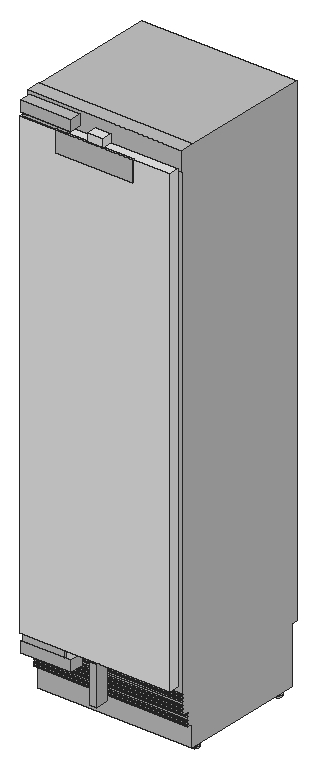
Revit family "FP_Revit_18_RS2484SL1_Fridge_90001059A", category Specialty Equipment, Revit 2018
Family settings
  Round Connector Dimension = Use Diameter
  Part Type = Normal
  OmniClass Number = 23.40.40.11.11
  OmniClass Title = Refrigerators and Freezers
  Work Plane-Based = No
  Always vertical = Yes
  Cut with Voids When Loaded = Yes
  Shared = No
  Room Calculation Point = No
Parameters (values of type "RS2484SL1")
  Visibility - Water Connection = no
  Visibility - Visibility Control Note = yes
  Visibility - Clearance Required = yes
  URL = "www.fisherpaykel.com"
  Stainless Steel Door Panels (RD2484L4D) = no
  Product - Width = 603 mm  # constant formula
  Product - Height = 2134 mm  # constant formula
  Product - Depth (exl front panel) = 610 mm  # constant formula
  Model = "RS2484SL1"
  Material - Handle = Fisher & Paykel - Aluminium
  Material - Door Structure = Fisher & Paykel - White
  Material - Door Front = Fisher & Paykel - Stainless Steel
  Material - Body = Fisher & Paykel - Grey
  Manufacturer = "Fisher & Paykel Appliances"
  Handle Style - Professional Square (AHV2-RD84) = no
  Handle Style - Professional Round (AHC-RD84) = no
  Handle Style - Contemporary Square (AHD3-RD84) = no
  Handle Style - Contemporary Round (AHS-RD84) = no
  Description = "24\" Integrated Column Refrigerator with white interior"
  Connector Description - Water = "Water Supply not required"
  Connector Description - Electrical = "120 V, 10 amp fused electrical supply"
  Cavity - Width = 610 mm  # constant formula
  Cavity - Height = 2134 mm  # constant formula
  Cavity - Depth = 635 mm  # constant formula
Types (4, lengths in mm): name | Visibility - Water Connection | Model | Description | Connector Description - Water
  (no name) | no | "RS2484SL1" | "24\" Integrated Column Refrigerator with white interior" | "Water Supply not required"
  RS2484SLK1 | no | "RS2484SLK1" | "24\" Integrated Column Refrigerator, stainless steel interior" | "Water Supply not required"
  RS2484SLHK1 | yes | "RS2484SLHK1" | "24\" Integrated Column Refrigerator with internal water, stainless steel interior" | "1/4\" (6mm) comp. stainless steel braided hose"
  RS2484SL1 | no | "RS2484SL1" | "24\" Integrated Column Refrigerator with white interior" | "Water Supply not required"
Reference planes
  plane 1 "Datum": y = 0
  plane 2: z = 0
  plane 3 "Center (Left/Right)": x = 0
  plane 4 "Product LHS": x = -301.5
  plane 5 "Product RHS": x = 301.5
  plane 6 "Product - Depth": y = 610
  plane 7 "Cavity LHS": x = -305
  plane 8 "Cavity RHS": x = 305
  plane 9 "Cavity - Depth": y = 612.9
  plane 10 "Handle Offset": x = 238.5
  plane 11 "Product Height": z = 2134
  plane 12 "Cavity Height": z = 2134
  plane 13 "Door Panel Datum": y = -4.1
Forms (mm)
  Extrusion 1, solid, material "Fisher & Paykel - Grey" <- "Material - Body", detail levels fine
    sketch origin (0, 0, 0) x (0, 1, 0) y (0, 0, 1)
      loop
        line (100.1, 19.1) -> (587.9, 19.1) -> (587.9, 239.7) -> (610, 239.7) -> (610, 2131.9) -> (105.1, 2131.9) -> (105.1, 2134) -> (49.9, 2134) -> (49.9, 2059) -> (56, 2059) -> (56, 228.6) -> (59.5, 228.6) -> (59.5, 219.7) -> (56.5, 219.7) -> (56.5, 215.9) -> (59.5, 215.9) -> (59.5, 207) -> (56.5, 207) -> (56.5, 203.2) -> (59.5, 203.2) -> (59.5, 194.3) -> (56.5, 194.3) -> (56.5, 190.5) -> (59.5, 190.5) -> (59.5, 181.6) -> (56.5, 181.6) -> (56.5, 177.8) -> (59.5, 177.8) -> (59.5, 168.9) -> (56.5, 168.9) -> (56.5, 165.1) -> (59.5, 165.1) -> (59.5, 156.2) -> (56.5, 156.2) -> (56.5, 152.4) -> (84.1, 152.4) -> (84.1, 143.5) -> (81.1, 143.5) -> (81.1, 139.7) -> (84.1, 139.7) -> (84.1, 130.8) -> (81.1, 130.8) -> (81.1, 127) -> (84.1, 127) -> (84.1, 118.1) -> (81.1, 118.1) -> (81.1, 114.3) -> (84.1, 114.3) -> (84.1, 105.4) -> (81.1, 105.4) -> (81.1, 101.6) -> (100.1, 101.6) -> (100.1, 19.1)
    from -301.5 to 301.5
  Extrusion 2, solid, material "Fisher & Paykel - Grey" <- "Material - Body"
    sketch origin (0, 0, 0) x (1, 0, 0) y (0, 1, 0)
      loop
        circle (-281, 547.8) r 4.1
      loop
        circle (-281, 141.8) r 4.1
      loop
        circle (281, 547.8) r 4.1
      loop
        circle (281, 141.8) r 4.1
    from 3 to 19.1
  Extrusion 3, solid, material "Fisher & Paykel - Grey" <- "Material - Body"
    sketch origin (0, 0, 0) x (1, 0, 0) y (0, 1, 0)
      loop
        circle (-281, 547.8) r 14.5
      loop
        circle (-281, 141.8) r 14.555
      loop
        circle (281, 547.8) r 14.5
      loop
        circle (281, 141.8) r 14.555
    from 0 to 3
  Extrusion 4, solid, material "Fisher & Paykel - Grey" <- "Material - Body", detail levels fine
    sketch origin (0, 0, 0) x (1, 0, 0) y (0, 1, 0)
      loop
        line (-7.5, 49) -> (-13.797, -4.1) -> (13.797, -4.1) -> (7.5, 49) -> (-7.5, 49)
    from 104.2 to 254.2
  Extrusion 5, solid, material "Fisher & Paykel - Grey" <- "Material - Body", detail levels fine
    sketch origin (0, 0, 0) x (0, 1, 0) y (0, 0, 1)
      loop
        line (0, 2070.6) -> (0, 1988.6) -> (2, 1988.6) -> (2, 2068.6) -> (4, 2068.6) -> (4, 2070.6) -> (0, 2070.6)
    from -150 to 150
  Extrusion 6, solid, material "Fisher & Paykel - Grey" <- "Material - Body"
    sketch origin (0, 0, 0) x (1, 0, 0) y (0, 0, 1)
      loop
        circle (226.5, 119.813) r 5
      loop
        circle (-226.5, 119.813) r 5
    from -590 to -587.9
  Extrusion 7, solid, material "Fisher & Paykel - White" <- "Material - Door Structure"
    sketch origin (0, 0, 0) x (1, 0, 0) y (0, 1, 0)
      loop
        line (-276.5, 56) -> (-276.5, 42) -> (276.5, 42) -> (276.5, 56) -> (-276.5, 56)
    from 269.6 to 2030.7
  Extrusion 8, solid, material "Fisher & Paykel - White" <- "Material - Door Structure"
    sketch origin (0, 0, 0) x (1, 0, 0) y (0, 1, 0)
      loop
        line (-292.9, 42) -> (-292.9, 3) -> (292.9, 3) -> (292.9, 42) -> (-292.9, 42)
    from 254.2 to 2068.6
  Extrusion 9, solid, material "Fisher & Paykel - White" <- "Material - Door Structure", detail levels fine
    sketch origin (0, 0, 0) x (1, 0, 0) y (0, 0, 1)
      loop
        line (-29.5, 2100.1) -> (-29.5, 2068.6) -> (29.5, 2068.6) -> (29.5, 2100.1) -> (-29.5, 2100.1)
    from -42 to -3
  Extrusion 10, solid, material "Fisher & Paykel - Stainless Steel" <- "Material - Door Front", visible <- "Stainless Steel Door Panels (RD2484L4D)"
    sketch origin (0, 0, 0) x (0, 1, 0) y (0, 0, 1)
      loop
        line (-22.1, 2130.8) -> (-22.1, 102) -> (-4.1, 102) -> (-4.1, 2130.8) -> (-22.1, 2130.8)
    from -301.5 to 301.5
  Extrusion 11, solid, material "Fisher & Paykel - Grey" <- "Material - Body", detail levels coarse+medium
    sketch origin (0, 0, 0) x (0, 1, 0) y (0, 0, 1)
      loop
        line (49.9, 2134) -> (49.9, 2059) -> (56, 2059) -> (56, 152.4) -> (81.1, 152.4) -> (81.1, 101.6) -> (100.1, 101.6) -> (100.1, 19.1) -> (587.9, 19.1) -> (587.9, 239.7) -> (610, 239.7) -> (610, 2134) -> (49.9, 2134)
    from -301.5 to 301.5
  Extrusion 12, solid, material "Fisher & Paykel - Grey" <- "Material - Body", detail levels fine
    sketch origin (0, 0, 0) x (-1, 0, 0) y (0, 0, -1)
      loop
        line (289.9, -187.65) -> (95.42, -187.65) -> (95.42, -229.75) -> (289.9, -229.75) -> (289.9, -187.65)
    from -56 to -2.5
  Extrusion 13, solid, material "Fisher & Paykel - Grey" <- "Material - Body", detail levels fine
    sketch origin (0, 0, 0) x (-1, 0, 0) y (0, 0, -1)
      loop
        line (289.9, -2123.15) -> (289.9, -2081.05) -> (95.42, -2081.05) -> (95.42, -2123.15) -> (289.9, -2123.15)
    from -49 to -2.5
  Extrusion 14, solid, material "Fisher & Paykel - Grey" <- "Material - Body", detail levels fine
    sketch origin (0, 0, -4) x (0, 1, 0) y (0, 0, 1)
      loop
        arc (163.888, 23.1) -> (180.4, 13.63) -> (196.912, 23.1) r 19.13
        line (196.912, 23.1) -> (163.888, 23.1)
      loop
        arc (493.888, 23.1) -> (510.4, 13.63) -> (526.912, 23.1) r 19.13
        line (526.912, 23.1) -> (493.888, 23.1)
    from 191 to 219
  Extrusion 15, solid, material "Fisher & Paykel - Grey" <- "Material - Body", detail levels fine
    sketch origin (0, 0, -4) x (0, 1, 0) y (0, 0, -1)
      loop
        line (163.888, -23.1) -> (196.912, -23.1)
        arc (196.912, -23.1) -> (180.4, -13.63) -> (163.888, -23.1) r 19.13
      loop
        line (493.888, -23.1) -> (526.912, -23.1)
        arc (526.912, -23.1) -> (510.4, -13.63) -> (493.888, -23.1) r 19.13
    from 191 to 219
  Extrusion 16, solid, material "Fisher & Paykel - Clearance Required", visible <- "Visibility - Clearance Required", detail levels coarse
    sketch origin (0, 0, 0) x (1, 0, 0) y (0, 1, 0)
      loop
        line (-305, 612.9) -> (-305, -4.1) -> (305, -4.1) -> (305, 612.9) -> (-305, 612.9)
    from 0 to 2134
  Extrusion 17, void
    sketch origin (0, 0, 0) x (1, 0, 0) y (0, 1, 0)
      loop
        line (-305, 612.9) -> (-305, -22.1) -> (305, -22.1) -> (305, 612.9) -> (-305, 612.9)
    from 0 to 2134
  Extrusion 18, solid, material "Fisher & Paykel - Clearance Required", visible <- "Visibility - Clearance Required", detail levels coarse
    sketch origin (0, 0, 0) x (-1, 0, 0) y (0, -1, 0)
      loop
        line (-301.5, 22.1) -> (301.5, 22.1)
        arc (301.5, 22.1) -> (310.616, 38.605) -> (329.441, 39.678) r 19.5
        line (329.441, 39.678) -> (550.259, 513.225) -> (574.757, 501.802)
        arc (574.757, 501.802) -> (598.013, 510.267) -> (589.549, 533.523) r 17.5
        line (589.549, 533.523) -> (565.051, 544.946) -> (584.28, 586.183)
        arc (584.28, 586.183) -> (-13.376, 547.171) -> (-301.5, 22.1) r 622.5
    from 0 to 2134
  Extrusion 19, solid, material "Fisher & Paykel - Grey" <- "Material - Body", detail levels fine
    sketch origin (0, 0, 0) x (-1, 0, 0) y (0, 0, -1)
      loop
        line (118.4, -254.2) -> (282.9, -254.2) -> (282.9, -229.75) -> (118.4, -229.75) -> (118.4, -254.2)
      loop
        line (106, -2081.05) -> (242.9, -2081.05) -> (282.9, -2076.05) -> (282.9, -2068.6) -> (106, -2068.6) -> (106, -2081.05)
    from -7 to -4
Lines and regions (mm)
  model lines, style "Fisher & Paykel"
    curve 1: line (-301.5, -4.1, 2130.8) -> (301.5, -4.1, 2130.8)
    curve 2: line (-301.5, -4.1, 102) -> (-301.5, -4.1, 2130.8)
    curve 3: line (301.5, -4.1, 102) -> (-301.5, -4.1, 102)
    curve 4: line (301.5, -4.1, 2130.8) -> (301.5, -4.1, 102)
Text (mm)
  text "Due to ongoing product development, product details are subject to change without notice. \nPlease always refer to www.fisherpaykel.com for the most current product information. \n© Fisher & Paykel 2020" at (41.04, -678.295, 0), in view "Ref. Level (Plan)"
Dimensions and locks
  equal spacing: plane 4 "Product LHS", plane 3 "Center (Left/Right)", plane 5 "Product RHS"
  "Product - Width": plane 4 "Product LHS" to plane 5 "Product RHS"
  "Product - Depth (exl front panel)": plane 1 "Datum" to plane 6 "Product - Depth"
  equal spacing: plane 7 "Cavity LHS", plane 3 "Center (Left/Right)", plane 8 "Cavity RHS"
  "Cavity - Width": plane 7 "Cavity LHS" to plane 8 "Cavity RHS"
  plane 4 "Product LHS" to Extrusion 2 sketch curve = 24.6 mm
  plane 4 "Product LHS" to plane 10 "Handle Offset" = 540 mm
  Extrusion 6 sketch curve to Extrusion 1 = 119.887 mm  (x2)
  Extrusion 6 sketch curve to plane 5 "Product RHS" = 75 mm
  plane 4 "Product LHS" to Extrusion 6 sketch curve = 75 mm
  Extrusion 1 sketch curve to Extrusion 1 sketch curve = 82.5 mm
  Extrusion 1 sketch curve to Extrusion 1 sketch curve = 209.5 mm
  Extrusion 3 to level = 3 mm
  Extrusion 11 to Extrusion 8 = 235.1 mm
  Extrusion 11 to Extrusion 7 = 250.5 mm
  Extrusion 11 to Extrusion 11 = 2114.9 mm
  Extrusion 11 to Extrusion 10 = 82.9 mm
  "Product - Height": level to plane 11 "Product Height"
  plane 11 "Product Height" to Extrusion 10 = 3.2 mm
  Extrusion 8 to plane 11 "Product Height" = 65.4 mm
  Extrusion 7 to plane 11 "Product Height" = 103.3 mm
  Extrusion 11 sketch curve to plane 11 "Product Height" = 75 mm
  Extrusion 1 sketch curve to plane 11 "Product Height" = 2.1 mm
  Extrusion 1 sketch curve to plane 11 "Product Height" = 75 mm
  "Cavity - Height": plane 12 "Cavity Height" to level
  plane 1 "Datum" to Extrusion 16 = 612.9 mm
  plane 1 "Datum" to Extrusion 17 = 612.9 mm
  Extrusion 19 sketch curve to Extrusion 19 sketch curve = 40 mm
  Extrusion 19 sketch curve to Extrusion 19 sketch curve = 176.9 mm
  plane 3 "Center (Left/Right)" to Extrusion 19 sketch curve = 106 mm
  plane 3 "Center (Left/Right)" to Extrusion 19 sketch curve = 118.4 mm
  plane 1 "Datum" to Extrusion 18 = 22.1 mm
  "Cavity - Depth": plane 9 "Cavity - Depth" to Extrusion 18
  plane 10 "Handle Offset" to plane 5 "Product RHS" = 63 mm
  radius of Extrusion 6 sketch curve = 5 mm
  aligned and locked: level to plane 2
  aligned and locked: Extrusion 10 to plane 5 "Product RHS"
  aligned and locked: plane 4 "Product LHS" to Extrusion 10
  aligned and locked: Extrusion 11 to plane 5 "Product RHS"
  aligned and locked: Extrusion 11 to plane 4 "Product LHS"
  aligned and locked: Extrusion 11 sketch curve to plane 11 "Product Height"
  aligned and locked: plane 11 "Product Height" to Extrusion 1 sketch curve
  aligned and locked: Extrusion 14 sketch curve to Extrusion 14 sketch curve
  aligned and locked: Extrusion 15 sketch curve to Extrusion 15 sketch curve
  aligned and locked: Extrusion 1 to plane 5 "Product RHS"
  aligned and locked: plane 4 "Product LHS" to Extrusion 1
  aligned and locked: Extrusion 2 to Extrusion 1
  aligned and locked: nested 5 to plane 10 "Handle Offset"
  aligned and locked: nested 4 to plane 10 "Handle Offset"
  aligned and locked: nested 3 to plane 10 "Handle Offset"
  aligned and locked: nested 2 to plane 10 "Handle Offset"
Automatic sketch dimensions
  Extrusion 2 sketch curve to plane 4 "Product LHS" = 20.5 mm  (x2)
  plane 5 "Product RHS" to Extrusion 2 sketch curve = 20.5 mm  (x2)
  Extrusion 2 sketch curve to plane 1 "Datum" = 141.8 mm  (x2)
  Extrusion 2 sketch curve to plane 6 "Product - Depth" = 62.2 mm  (x2)
  Extrusion 3 sketch curve to plane 4 "Product LHS" = 20.5 mm  (x2)
  plane 5 "Product RHS" to Extrusion 3 sketch curve = 20.5 mm  (x2)
  Extrusion 3 sketch curve to plane 1 "Datum" = 141.8 mm  (x2)
  Extrusion 3 sketch curve to plane 6 "Product - Depth" = 62.2 mm  (x2)
  plane 1 "Datum" to Extrusion 4 sketch curve = 4.1 mm
  Extrusion 4 sketch curve to plane 3 "Center (Left/Right)" = 13.797 mm
  Extrusion 4 sketch curve to plane 3 "Center (Left/Right)" = 7.5 mm
  plane 3 "Center (Left/Right)" to Extrusion 4 sketch curve = 7.5 mm
  plane 3 "Center (Left/Right)" to Extrusion 4 sketch curve = 13.797 mm
  Extrusion 4 sketch curve to plane 1 "Datum" = 49 mm
  Extrusion 5 sketch curve to plane 1 "Datum" = 0 mm
  Extrusion 5 sketch curve to plane 1 "Datum" = 2 mm
  Extrusion 5 sketch curve to Extrusion 5 sketch curve = 2 mm  (x2)
  plane 11 "Product Height" to Extrusion 5 sketch curve = 145.4 mm
  plane 11 "Product Height" to Extrusion 5 sketch curve = 65.4 mm
  Extrusion 7 sketch curve to plane 4 "Product LHS" = 25 mm
  plane 5 "Product RHS" to Extrusion 7 sketch curve = 25 mm
  Extrusion 7 sketch curve to plane 1 "Datum" = 42 mm
  Extrusion 7 sketch curve to Extrusion 7 sketch curve = 14 mm
  Extrusion 8 sketch curve to plane 1 "Datum" = 3 mm
  Extrusion 8 sketch curve to plane 4 "Product LHS" = 8.6 mm
  plane 5 "Product RHS" to Extrusion 8 sketch curve = 8.6 mm
  Extrusion 8 sketch curve to Extrusion 8 sketch curve = 39 mm
  Extrusion 9 sketch curve to plane 3 "Center (Left/Right)" = 29.5 mm
  plane 3 "Center (Left/Right)" to Extrusion 9 sketch curve = 29.5 mm
  plane 11 "Product Height" to Extrusion 9 sketch curve = 65.4 mm
  Extrusion 9 sketch curve to Extrusion 9 sketch curve = 31.5 mm
  plane 1 "Datum" to Extrusion 10 sketch curve = 22.1 mm
  plane 1 "Datum" to Extrusion 10 sketch curve = 4.1 mm
  level to Extrusion 10 sketch curve = 102 mm
  plane 11 "Product Height" to Extrusion 10 sketch curve = 3.2 mm
  plane 3 "Center (Left/Right)" to Extrusion 12 sketch curve = 95.42 mm
  plane 4 "Product LHS" to Extrusion 12 sketch curve = 11.6 mm
  Extrusion 12 sketch curve to level = 187.65 mm
  Extrusion 12 sketch curve to Extrusion 12 sketch curve = 42.1 mm
  Extrusion 13 sketch curve to plane 11 "Product Height" = 10.85 mm
  plane 3 "Center (Left/Right)" to Extrusion 13 sketch curve = 95.42 mm
  plane 4 "Product LHS" to Extrusion 13 sketch curve = 11.6 mm
  Extrusion 13 sketch curve to Extrusion 13 sketch curve = 42.1 mm
  Extrusion 14 sketch curve to plane 1 "Datum" = 163.888 mm
  Extrusion 14 sketch curve to Extrusion 14 sketch curve = 16.512 mm  (x2)
  Extrusion 14 sketch curve to plane 6 "Product - Depth" = 116.112 mm
  Extrusion 14 sketch curve to Extrusion 14 sketch curve = 9.66 mm  (x2)
  Extrusion 15 sketch curve to plane 1 "Datum" = 163.888 mm
  Extrusion 15 sketch curve to Extrusion 15 sketch curve = 16.512 mm  (x2)
  Extrusion 15 sketch curve to plane 6 "Product - Depth" = 116.112 mm
  Extrusion 15 sketch curve to Extrusion 15 sketch curve = 9.66 mm  (x2)
  Extrusion 16 sketch curve to plane 7 "Cavity LHS" = 0 mm
  Extrusion 16 sketch curve to plane 8 "Cavity RHS" = 0 mm
  Extrusion 16 sketch curve to plane 9 "Cavity - Depth" = 0 mm
  plane 1 "Datum" to Extrusion 16 sketch curve = 4.1 mm
  Extrusion 17 sketch curve to plane 7 "Cavity LHS" = 0 mm
  Extrusion 17 sketch curve to plane 8 "Cavity RHS" = 0 mm
  plane 9 "Cavity - Depth" to Extrusion 17 sketch curve = 0 mm
  plane 1 "Datum" to Extrusion 17 sketch curve = 22.1 mm
  Extrusion 18 sketch curve to Extrusion 18 sketch curve = 0 mm  (x2)
  Extrusion 18 sketch curve to plane 5 "Product RHS" = 0 mm
  Extrusion 18 sketch curve to plane 4 "Product LHS" = 0 mm
  Extrusion 18 sketch curve to plane 7 "Cavity LHS" = 16 mm
  Extrusion 18 sketch curve to Extrusion 18 sketch curve = 8.441 mm
  Extrusion 18 sketch curve to plane 7 "Cavity LHS" = 245.259 mm
  Extrusion 18 sketch curve to Extrusion 18 sketch curve = 14.792 mm
  Extrusion 18 sketch curve to Extrusion 18 sketch curve = 24.498 mm
  Extrusion 18 sketch curve to Extrusion 18 sketch curve = 7.396 mm  (x2)
  Extrusion 18 sketch curve to Extrusion 18 sketch curve = 19.229 mm
  Extrusion 18 sketch curve to plane 1 "Datum" = 586.183 mm
  Extrusion 18 sketch curve to Extrusion 18 sketch curve = 41.237 mm
  Extrusion 18 sketch curve to Extrusion 18 sketch curve = 15.86 mm
  Extrusion 19 sketch curve to plane 11 "Product Height" = 52.95 mm
  plane 4 "Product LHS" to Extrusion 19 sketch curve = 18.6 mm
  Extrusion 19 sketch curve to Extrusion 19 sketch curve = 5 mm
  Extrusion 19 sketch curve to Extrusion 19 sketch curve = 12.45 mm
  Extrusion 19 sketch curve to level = 254.2 mm
  Extrusion 19 sketch curve to Extrusion 19 sketch curve = 24.45 mm
  Extrusion 11 sketch curve to plane 6 "Product - Depth" = 0 mm
  Extrusion 11 sketch curve to plane 6 "Product - Depth" = 22.1 mm
  Extrusion 11 sketch curve to plane 1 "Datum" = 100.1 mm
  Extrusion 11 sketch curve to Extrusion 11 sketch curve = 19 mm
  Extrusion 11 sketch curve to plane 1 "Datum" = 56 mm
  Extrusion 11 sketch curve to plane 1 "Datum" = 49.9 mm
  level to Extrusion 11 sketch curve = 152.4 mm
  Extrusion 11 sketch curve to Extrusion 11 sketch curve = 50.8 mm
  level to Extrusion 11 sketch curve = 19.1 mm
  Extrusion 11 sketch curve to Extrusion 11 sketch curve = 220.6 mm
  level to Extrusion 14 sketch curve = 19.1 mm
  level to Extrusion 15 sketch curve = 28.76 mm
  Extrusion 1 sketch curve to plane 6 "Product - Depth" = 0 mm
  Extrusion 1 sketch curve to Extrusion 1 sketch curve = 22.1 mm
  Extrusion 1 sketch curve to plane 1 "Datum" = 105.1 mm
  level to Extrusion 1 sketch curve = 19.1 mm
  Extrusion 1 sketch curve to plane 1 "Datum" = 100.1 mm
  Extrusion 1 sketch curve to Extrusion 1 sketch curve = 16 mm
  Extrusion 1 sketch curve to Extrusion 1 sketch curve = 0 mm  (x8)
  Extrusion 1 sketch curve to Extrusion 1 sketch curve = 3 mm  (x10)
  Extrusion 1 sketch curve to plane 1 "Datum" = 59.5 mm
  Extrusion 1 sketch curve to plane 1 "Datum" = 56 mm
  Extrusion 1 sketch curve to plane 1 "Datum" = 49.9 mm
  Extrusion 1 sketch curve to Extrusion 1 sketch curve = 3.8 mm  (x10)
  Extrusion 1 sketch curve to Extrusion 1 sketch curve = 8.9 mm  (x9)
  Extrusion 1 sketch curve to Extrusion 1 sketch curve = 220.6 mm
  plane 5 "Product RHS" to curve 1 = 0 mm
  plane 4 "Product LHS" to curve 3 = 0 mm
  level to curve 3 = 102 mm
  plane 11 "Product Height" to curve 2 = 3.2 mm
  radius of Extrusion 2 sketch curve = 4.1 mm  (x3)
  radius of Extrusion 3 sketch curve = 14.5 mm  (x2)
  radius of Extrusion 3 sketch curve = 14.555 mm  (x2)
  radius of Extrusion 6 sketch curve = 5 mm
Nested families
  nested 1: "Visibility Control Note 18" at (0, 0, 0), visible <- "Visibility - Visibility Control Note", type "Visibility Control Note 18"
  nested 2: "Handle Contemporary Round - Vertical" at (238.5, -22.1, 1242.58), visible <- "Handle Style - Contemporary Round (AHS-RD84)", type "AHS-RD84 - Contemporary round handle (Vertical) 852mm"
  nested 3: "Handle Contemporary Square - Vertical" at (238.5, -22.1, 1242.58), visible <- "Handle Style - Contemporary Square (AHD3-RD84)", type "AHD3-RD84 - Contemporary square handle (Vertical) 852mm"
  nested 4: "Handle Professional Round - Vertical" at (238.5, -22.1, 1242.58), visible <- "Handle Style - Professional Round (AHC-RD84)", type "AHC-RD84 - Professional round handle (Vertical) 786mm"
  nested 5: "Handle Professional Square - Vertical" at (238.5, -22.1, 1242.58), visible <- "Handle Style - Professional Square (AHV2-RD84)", type "AHV2-RD84 - Professional square handle (Vertical) 792mm"
Connectors
  electrical at (-226.5, 590, 119.813), driven by "Connector Description - Electrical"
    settings: on Extrusion 6, index 1, voltage 120 V, apparent load 0 VA, apparent load phase1 0 VA, apparent load phase2 0 VA, apparent load phase3 0 VA, power factor 1, load classification "Other", number of poles 1, system type 30, power factor state 1, is connector primary yes, connector utility no, sub classification motor no, connector description "120 V, 10 amp fused electrical supply"
  piping at (226.5, 590, 119.813), diameter 12.7, driven by "Visibility - Water Connection", driven by "Connector Description - Water"
    settings: on Extrusion 6, index 2, connector inside diameter 609.6 mm, connector length 0 mm, flow factor 0, pipe flow 0.0 L/s, pressure drop 0.0 Pa, fitting loss kfactor 0, connector angle 0.00°, fixture units 0, engagement length 0 mm, angle of deflection 0.00°, flow configuration 0, flow direction 1, fitting loss method 0, system type 20, joint type 0, gender type 0, connector reference index -1, connector utility 0, adjustable connector no, is connector primary yes, connector description "Water Supply not required"
Definition of nested family "Handle Contemporary Round - Vertical"
  Parameters (values of type "AHSRS80A - Contemporary round handle (1 of 2) (Vertical) 727mm")
    URL = "www.fisherpaykel.com"
    Material - Handle = none
    Manufacturer = "Fisher & Paykel Appliances"
    Handle - Length = 727 mm
  Types (6, lengths in mm): name | Handle - Length
    AHS-RD21 - Contemporary round handle (Vertical) 852mm | 852
    AHSRD2484W - Contemporary round handle (1 of 2) (Vertical) 727mm | 727
    AHSRD3084W - Contemporary round handle (1 of 2) (Vertical) 727mm | 727
    AHS-RD84 - Contemporary round handle (Vertical) 852mm | 852
    AHSRS3272A - Contemporary round handle (1 of 2) (Vertical) 727mm | 727
    AHSRS80A - Contemporary round handle (1 of 2) (Vertical) 727mm | 727
  Reference planes
    plane 1 "Center (Front/Back)": y = 0
    plane 2: z = 0
    plane 3 "Center (Left/Right)": x = 0
    plane 4 "Top": z = 363.5
    plane 5 "Bottom": z = -363.5
    plane 6 "Top Standoff": z = 243.5
    plane 7 "Bottom Standoff": z = -243.5
  Forms (mm)
    Extrusion 1, solid, material <- "Material - Handle"
      sketch origin (0, 0, 0) x (1, 0, 0) y (0, 1, 0)
        loop
          circle (0, -32.3) r 8.7
      from -243.5 to 243.5
    Extrusion 2, solid, material <- "Material - Handle", detail levels fine
      sketch origin (0, 0, 0) x (1, 0, 0) y (0, 1, 0)
        loop
          line (-8.7, 0) -> (-8.7, -32.3)
          arc (-8.7, -32.3) -> (0, -41) -> (8.7, -32.3) r 8.7
          line (8.7, -32.3) -> (8.7, 0) -> (-8.7, 0)
      from 243.5 to 363.5
    Extrusion 3, solid, material <- "Material - Handle", detail levels fine
      sketch origin (0, 0, 0) x (1, 0, 0) y (0, 1, 0)
        loop
          line (-8.7, 0) -> (-8.7, -32.3)
          arc (-8.7, -32.3) -> (0, -41) -> (8.7, -32.3) r 8.7
          line (8.7, -32.3) -> (8.7, 0) -> (-8.7, 0)
      from -363.5 to -243.5
    Sweep 4, void
      path in 3D
        loop
          line (8.7, 0, -363.5) -> (8.7, -32.3, -363.5)
          arc (8.7, -32.3, -363.5) -> (0, -41, -363.5) -> (-8.7, -32.3, -363.5) r 8.7
          line (-8.7, -32.3, -363.5) -> (-8.7, 0, -363.5)
      profile origin (8.7, -16.15, -363.5) x (-1, 0, 0) y (0, 0, -1)
        loop
          line (0, 0) -> (0, -1) -> (1, 0) -> (0, 0)
    Sweep 5, void
      path in 3D
        loop
          line (-8.7, 0, 363.5) -> (-8.7, -32.3, 363.5)
          arc (-8.7, -32.3, 363.5) -> (0, -41, 363.5) -> (8.7, -32.3, 363.5) r 8.7
          line (8.7, -32.3, 363.5) -> (8.7, 0, 363.5)
      profile origin (8.7, -16.15, 363.5) x (-1, 0, 0) y (0, 0, 1)
        loop
          line (0, 0) -> (0, -1) -> (1, 0) -> (0, 0)
    Extrusion 6, solid, material <- "Material - Handle", detail levels coarse+medium
      sketch origin (0, 0, 0) x (1, 0, 0) y (0, 1, 0)
        loop
          line (-8.7, 0) -> (-8.7, -32.3)
          arc (-8.7, -32.3) -> (0, -41) -> (8.7, -32.3) r 8.7
          line (8.7, -32.3) -> (8.7, 0) -> (-8.7, 0)
      from 243.5 to 363.5
    Extrusion 7, solid, material <- "Material - Handle", detail levels coarse+medium
      sketch origin (0, 0, 0) x (1, 0, 0) y (0, 1, 0)
        loop
          line (-8.7, 0) -> (-8.7, -32.3)
          arc (-8.7, -32.3) -> (0, -41) -> (8.7, -32.3) r 8.7
          line (8.7, -32.3) -> (8.7, 0) -> (-8.7, 0)
      from -363.5 to -243.5
  Cuts and joins
    Sweep 4 cuts Extrusion 3
    Sweep 5 cuts Extrusion 2
  Lines and regions (mm)
    sketch lines
      curve 1: line (8.7, 0, -363.5) -> (8.7, -32.3, -363.5)
      curve 2: arc (-8.7, -32.3, -363.5) -> (0, -41, -363.5) -> (8.7, -32.3, -363.5) r 8.7
      curve 3: line (-8.7, -32.3, -363.5) -> (-8.7, 0, -363.5)
      curve 4: line (8.7, -32.3, 363.5) -> (8.7, 0, 363.5)
      curve 5: arc (8.7, -32.3, 363.5) -> (0, -41, 363.5) -> (-8.7, -32.3, 363.5) r 8.7
      curve 6: line (-8.7, 0, 363.5) -> (-8.7, -32.3, 363.5)
  Dimensions and locks
    equal spacing: plane 4 "Top", level, plane 5 "Bottom"
    "Handle - Length": plane 4 "Top" to plane 5 "Bottom"
    locked: plane 4 "Top" to plane 6 "Top Standoff" at 120
    locked: plane 7 "Bottom Standoff" to plane 5 "Bottom" at 120
    Extrusion 2 sketch curve to Extrusion 2 sketch curve = 17.4 mm
    Extrusion 3 sketch curve to Extrusion 3 sketch curve = 17.4 mm
    Extrusion 6 sketch curve to Extrusion 6 sketch curve = 17.4 mm
    Extrusion 7 sketch curve to Extrusion 7 sketch curve = 17.4 mm
    aligned and locked: level to plane 2
    aligned and locked: plane 4 "Top" to Extrusion 2
    aligned and locked: Extrusion 3 to plane 5 "Bottom"
    aligned and locked: plane 7 "Bottom Standoff" to Extrusion 3
    aligned and locked: Extrusion 1 to plane 7 "Bottom Standoff"
    aligned and locked: plane 6 "Top Standoff" to Extrusion 1
    aligned and locked: Extrusion 2 to Extrusion 1
    aligned and locked: Extrusion 6 to Extrusion 1
    aligned and locked: plane 4 "Top" to Extrusion 6
    aligned and locked: Extrusion 7 to Extrusion 1
    aligned and locked: Extrusion 7 to plane 5 "Bottom"
  Automatic sketch dimensions
    Extrusion 1 sketch curve to plane 3 "Center (Left/Right)" = 0 mm
    plane 1 "Center (Front/Back)" to Extrusion 1 sketch curve = 32.3 mm
    plane 1 "Center (Front/Back)" to Extrusion 2 sketch curve = 0 mm
    Extrusion 2 sketch curve to plane 3 "Center (Left/Right)" = 0 mm
    Extrusion 2 sketch curve to plane 3 "Center (Left/Right)" = 8.7 mm
    plane 1 "Center (Front/Back)" to Extrusion 2 sketch curve = 32.3 mm
    plane 1 "Center (Front/Back)" to Extrusion 3 sketch curve = 0 mm
    Extrusion 3 sketch curve to plane 3 "Center (Left/Right)" = 0 mm
    Extrusion 3 sketch curve to plane 3 "Center (Left/Right)" = 8.7 mm
    plane 1 "Center (Front/Back)" to Extrusion 3 sketch curve = 32.3 mm
    Sweep 4 sketch curve to profile plane = 0 mm  (x2)
    Sweep 4 sketch curve to profile plane = 1 mm  (x2)
    Sweep 5 sketch curve to profile plane = 0 mm  (x2)
    Sweep 5 sketch curve to profile plane = 1 mm  (x2)
    Extrusion 6 sketch curve to plane 3 "Center (Left/Right)" = 0 mm
    Extrusion 6 sketch curve to plane 3 "Center (Left/Right)" = 8.7 mm
    plane 1 "Center (Front/Back)" to Extrusion 6 sketch curve = 32.3 mm
    Extrusion 6 sketch curve to Extrusion 6 sketch curve = 32.3 mm
    Extrusion 7 sketch curve to plane 3 "Center (Left/Right)" = 0 mm
    Extrusion 7 sketch curve to plane 3 "Center (Left/Right)" = 8.7 mm
    plane 1 "Center (Front/Back)" to Extrusion 7 sketch curve = 32.3 mm
    Extrusion 7 sketch curve to Extrusion 7 sketch curve = 32.3 mm
    radius of Extrusion 1 sketch curve = 8.7 mm
Definition of nested family "Handle Contemporary Square - Vertical"
  Parameters (values of type "AHD3RS80A - Contemporary square handle (1 of 2) (Vertical) 727mm")
    URL = "www.fisherpaykel.com"
    Material - Handle = none
    Manufacturer = "Fisher & Paykel Appliances"
    Handle - Length = 727 mm
  Types (7, lengths in mm): name | Handle - Length
    (no name) | 727
    AHD3-RD21 - Contemporary square handle (Vertical) 852mm | 852
    AHD3RD2484W - Contemporary square handle (1 of 2) (Vertical) 727mm | 727
    AHD3RD3084W - Contemporary square handle (1 of 2) (Vertical) 727mm | 727
    AHD3-RD84 - Contemporary square handle (Vertical) 852mm | 852
    AHD3RS3272A - Contemporary square handle (1 of 2) (Vertical) 727mm | 727
    AHD3RS80A - Contemporary square handle (1 of 2) (Vertical) 727mm | 727
  Reference planes
    plane 1 "Center (Front/Back)": y = 0
    plane 2: z = 0
    plane 3 "Center (Left/Right)": x = 0
    plane 4 "Top": z = 363.5
    plane 5 "Bottom": z = -363.5
    plane 6 "Top Standoff": z = 243.5
    plane 7 "Bottom Standoff": z = -243.5
  Forms (mm)
    Extrusion 1, solid, material <- "Material - Handle", detail levels fine
      sketch origin (0, 0, 0) x (1, 0, 0) y (0, 1, 0)
        loop
          arc (-7.583, -28.701) -> (-7.89, -29.057) -> (-8, -29.514) r 1
          line (-8, -29.514) -> (-8, -40.5)
          arc (-8, -40.5) -> (-7.561, -41.561) -> (-6.5, -42) r 1.5
          line (-6.5, -42) -> (6.5, -42)
          arc (6.5, -42) -> (7.561, -41.561) -> (8, -40.5) r 1.5
          line (8, -40.5) -> (8, -29.487)
          arc (8, -29.487) -> (7.889, -29.029) -> (7.58, -28.673) r 1
          arc (7.58, -28.673) -> (-0.006, -26.256) -> (-7.583, -28.701) r 13.038
      from -363.5 to 363.5
    Extrusion 2, solid, material <- "Material - Handle", detail levels fine
      sketch origin (0, 0, 0) x (1, 0, 0) y (0, 1, 0)
        loop
          arc (7.058, -28.23) -> (7.466, -28.244) -> (7.674, -27.893) r 0.4
          line (7.674, -27.893) -> (7.674, 0) -> (-7.674, 0) -> (-7.674, -27.86)
          arc (-7.674, -27.86) -> (-7.467, -28.21) -> (-7.06, -28.198) r 0.4
          arc (-7.06, -28.198) -> (0.004, -26.156) -> (7.058, -28.23) r 13.136
      from 243.5 to 363.5
    Extrusion 3, solid, material <- "Material - Handle", detail levels fine
      sketch origin (0, 0, 0) x (1, 0, 0) y (0, 1, 0)
        loop
          arc (7.058, -28.23) -> (7.466, -28.244) -> (7.674, -27.893) r 0.4
          line (7.674, -27.893) -> (7.674, 0) -> (-7.674, 0) -> (-7.674, -27.86)
          arc (-7.674, -27.86) -> (-7.467, -28.21) -> (-7.06, -28.198) r 0.4
          arc (-7.06, -28.198) -> (0.004, -26.156) -> (7.058, -28.23) r 13.136
      from -363.5 to -243.5
    Sweep 4, void
      path in 3D
        loop
          line (-8, -29.514, 363.5) -> (-8, -40.5, 363.5)
          arc (-8, -40.5, 363.5) -> (-7.561, -41.561, 363.5) -> (-6.5, -42, 363.5) r 1.5
          line (-6.5, -42, 363.5) -> (6.5, -42, 363.5)
          arc (6.5, -42, 363.5) -> (7.561, -41.561, 363.5) -> (8, -40.5, 363.5) r 1.5
          line (8, -40.5, 363.5) -> (8, -29.487, 363.5)
      profile origin (8, -34.994, 363.5) x (-1, 0, 0) y (0, 0, 1)
        loop
          line (0, 0) -> (0, -1.3) -> (1.3, 0) -> (0, 0)
    Sweep 5, void
      path in 3D
        loop
          line (8, -29.487, -363.5) -> (8, -40.5, -363.5)
          arc (8, -40.5, -363.5) -> (7.561, -41.561, -363.5) -> (6.5, -42, -363.5) r 1.5
          line (6.5, -42, -363.5) -> (-6.5, -42, -363.5)
          arc (-6.5, -42, -363.5) -> (-7.561, -41.561, -363.5) -> (-8, -40.5, -363.5) r 1.5
          line (-8, -40.5, -363.5) -> (-8, -29.514, -363.5)
      profile origin (8, -34.994, -363.5) x (-1, 0, 0) y (0, 0, -1)
        loop
          line (0, 0) -> (0, -1.3) -> (1.3, 0) -> (0, 0)
    Extrusion 6, void
      sketch origin (0, 0, 0) x (1, 0, 0) y (0, 0, 1)
        loop
          line (-8, -362.2) -> (-8, -363.5) -> (-6.7, -363.5) -> (-8, -362.2)
        loop
          line (8, -362.2) -> (6.7, -363.5) -> (8, -363.5) -> (8, -362.2)
      from 0 to 40
    Extrusion 7, void
      sketch origin (0, 0, 0) x (1, 0, 0) y (0, 0, 1)
        loop
          line (-8, 363.5) -> (-8, 362.2) -> (-6.7, 363.5) -> (-8, 363.5)
        loop
          line (8, 363.5) -> (6.7, 363.5) -> (8, 362.2) -> (8, 363.5)
      from 0 to 40
    Extrusion 8, solid, material <- "Material - Handle", detail levels coarse+medium
      sketch origin (0, 0, 0) x (0, 1, 0) y (0, 0, 1)
        loop
          line (0, 363.5) -> (-42, 363.5) -> (-42, -363.5) -> (0, -363.5) -> (0, -243.5) -> (-26.245, -243.5) -> (-26.245, 243.5) -> (0, 243.5) -> (0, 363.5)
      from -8 to 8
  Cuts and joins
    Sweep 4, Sweep 5, Extrusion 6, Extrusion 7 cuts Extrusion 1
    Extrusion 6 cuts Extrusion 3
    Extrusion 7 cuts Extrusion 2
  Lines and regions (mm)
    sketch lines
      curve 1: line (8, -40.5, 363.5) -> (8, -29.487, 363.5)
      curve 2: arc (8, -40.5, 363.5) -> (7.561, -41.561, 363.5) -> (6.5, -42, 363.5) r 1.5
      curve 3: line (-6.5, -42, 363.5) -> (6.5, -42, 363.5)
      curve 4: arc (-6.5, -42, 363.5) -> (-7.561, -41.561, 363.5) -> (-8, -40.5, 363.5) r 1.5
      curve 5: line (-8, -29.514, 363.5) -> (-8, -40.5, 363.5)
      curve 6: line (8, -29.487, -363.5) -> (8, -40.5, -363.5)
      curve 7: arc (6.5, -42, -363.5) -> (7.561, -41.561, -363.5) -> (8, -40.5, -363.5) r 1.5
      curve 8: line (6.5, -42, -363.5) -> (-6.5, -42, -363.5)
      curve 9: arc (-8, -40.5, -363.5) -> (-7.561, -41.561, -363.5) -> (-6.5, -42, -363.5) r 1.5
      curve 10: line (-8, -40.5, -363.5) -> (-8, -29.514, -363.5)
  Dimensions and locks
    equal spacing: plane 4 "Top", level, plane 5 "Bottom"
    "Handle - Length": plane 4 "Top" to plane 5 "Bottom"
    locked: plane 4 "Top" to plane 6 "Top Standoff" at 120
    locked: plane 7 "Bottom Standoff" to plane 5 "Bottom" at 120
    aligned and locked: level to plane 2
    aligned and locked: plane 4 "Top" to Extrusion 2
    aligned and locked: Extrusion 2 to plane 6 "Top Standoff"
    aligned and locked: plane 4 "Top" to Extrusion 1
    aligned and locked: Extrusion 1 to plane 5 "Bottom"
    aligned and locked: Extrusion 3 to plane 5 "Bottom"
    aligned and locked: plane 7 "Bottom Standoff" to Extrusion 3
    aligned and locked: plane 4 "Top" to Extrusion 8 sketch curve
    aligned and locked: plane 6 "Top Standoff" to Extrusion 8 sketch curve
    aligned and locked: plane 7 "Bottom Standoff" to Extrusion 8 sketch curve
    aligned and locked: plane 5 "Bottom" to Extrusion 8 sketch curve
    aligned and locked: plane 1 "Center (Front/Back)" to Extrusion 8 sketch curve  (x2)
  Automatic sketch dimensions
    Extrusion 1 sketch curve to plane 3 "Center (Left/Right)" = 8 mm
    Extrusion 1 sketch curve to Extrusion 1 sketch curve = 1 mm  (x2)
    Extrusion 1 sketch curve to Extrusion 1 sketch curve = 1.5 mm
    plane 3 "Center (Left/Right)" to Extrusion 1 sketch curve = 0.018 mm
    plane 3 "Center (Left/Right)" to Extrusion 1 sketch curve = 6.5 mm
    plane 3 "Center (Left/Right)" to Extrusion 1 sketch curve = 7 mm
    plane 1 "Center (Front/Back)" to Extrusion 1 sketch curve = 42 mm
    Extrusion 1 sketch curve to Extrusion 1 sketch curve = 1.206 mm
    Extrusion 1 sketch curve to Extrusion 1 sketch curve = 10.986 mm
    Extrusion 1 sketch curve to Extrusion 1 sketch curve = 11.013 mm
    Extrusion 1 sketch curve to Extrusion 1 sketch curve = 0 mm
    plane 1 "Center (Front/Back)" to Extrusion 2 sketch curve = 0 mm
    Extrusion 2 sketch curve to plane 3 "Center (Left/Right)" = 7.674 mm
    Extrusion 2 sketch curve to Extrusion 2 sketch curve = 0.4 mm  (x2)
    Extrusion 2 sketch curve to plane 3 "Center (Left/Right)" = 0.026 mm
    plane 3 "Center (Left/Right)" to Extrusion 2 sketch curve = 7.274 mm
    plane 1 "Center (Front/Back)" to Extrusion 2 sketch curve = 27.86 mm
    Extrusion 2 sketch curve to Extrusion 2 sketch curve = 0.033 mm
    Extrusion 2 sketch curve to Extrusion 2 sketch curve = 11.398 mm
    Extrusion 2 sketch curve to Extrusion 2 sketch curve = 0 mm
    plane 1 "Center (Front/Back)" to Extrusion 3 sketch curve = 0 mm
    Extrusion 3 sketch curve to Extrusion 3 sketch curve = 0.4 mm  (x2)
    Extrusion 3 sketch curve to Extrusion 3 sketch curve = 7.248 mm
    Extrusion 3 sketch curve to Extrusion 3 sketch curve = 7.3 mm
    plane 1 "Center (Front/Back)" to Extrusion 3 sketch curve = 27.86 mm
    Extrusion 3 sketch curve to Extrusion 3 sketch curve = 0.033 mm
    Extrusion 3 sketch curve to Extrusion 3 sketch curve = 11.398 mm
    Extrusion 3 sketch curve to Extrusion 3 sketch curve = 0 mm
    Sweep 4 sketch curve to profile plane = 0 mm  (x2)
    Sweep 4 sketch curve to profile plane = 1.3 mm  (x2)
    Sweep 5 sketch curve to profile plane = 0 mm  (x2)
    Sweep 5 sketch curve to profile plane = 1.3 mm  (x2)
    Extrusion 6 sketch curve to plane 5 "Bottom" = 0 mm  (x2)
    plane 5 "Bottom" to Extrusion 6 sketch curve = 1.3 mm  (x2)
    Extrusion 6 sketch curve to plane 3 "Center (Left/Right)" = 8 mm
    Extrusion 6 sketch curve to Extrusion 6 sketch curve = 1.3 mm  (x2)
    plane 3 "Center (Left/Right)" to Extrusion 6 sketch curve = 8 mm
    Extrusion 7 sketch curve to plane 4 "Top" = 0 mm  (x2)
    Extrusion 7 sketch curve to plane 3 "Center (Left/Right)" = 8 mm
    Extrusion 7 sketch curve to Extrusion 7 sketch curve = 1.3 mm  (x2)
    plane 3 "Center (Left/Right)" to Extrusion 7 sketch curve = 8 mm
    Extrusion 7 sketch curve to plane 4 "Top" = 1.3 mm  (x2)
    plane 1 "Center (Front/Back)" to Extrusion 8 sketch curve = 26.245 mm
    plane 1 "Center (Front/Back)" to Extrusion 8 sketch curve = 42 mm
    Extrusion 3 sketch curve to plane 3 "Center (Left/Right)" = 7.674 mm
Definition of nested family "Handle Professional Round - Vertical"
  Parameters (values of type "AHCRD2484W - Professional round handle (1 of 2) (Vertical) 661mm")
    URL = "www.fisherpaykel.com"
    Material - Standoff = none
    Material - Handle = none
    Manufacturer = "Fisher & Paykel Appliances"
    Handle - Length = 661 mm
  Types (5, lengths in mm): name | Handle - Length
    (no name) | 661
    AHCRD2484W - Professional round handle (1 of 2) (Vertical) 661mm | 661
    AHCRD3084W - Professional round handle (1 of 2) (Vertical) 661mm | 661
    AHC-RD84 - Professional round handle (Vertical) 786mm | 786
    AHCRS3272A - Professional round handle (1 of 2) (Vertical) 661mm | 661
  Reference planes
    plane 1 "Center (Front/Back)": y = 0
    plane 2: z = 0
    plane 3 "Center (Left/Right)": x = 0
    plane 4 "Top": z = 330.5
    plane 5 "Bottom": z = -330.5
    plane 6 "Top Standoff": z = 286.5
    plane 7 "Bottom Standoff": z = -286.5
  Forms (mm)
    Extrusion 1, solid, material <- "Material - Standoff", detail levels fine
      sketch origin (0, 0, 0) x (1, 0, 0) y (0, 1, 0)
        loop
          line (-18.5, 0) -> (-18.5, -39.4)
          arc (-18.5, -39.4) -> (0, -57.9) -> (18.5, -39.4) r 18.5
          line (18.5, -39.4) -> (18.5, 0) -> (-18.5, 0)
      from 286.5 to 330.5
    Extrusion 2, solid, material <- "Material - Standoff", detail levels fine
      sketch origin (0, 0, 0) x (1, 0, 0) y (0, 1, 0)
        loop
          line (-18.5, 0) -> (-18.5, -39.4)
          arc (-18.5, -39.4) -> (0, -57.9) -> (18.5, -39.4) r 18.5
          line (18.5, -39.4) -> (18.5, 0) -> (-18.5, 0)
      from -330.5 to -286.5
    Extrusion 3, solid, material <- "Material - Handle"
      sketch origin (0, 0, 0) x (1, 0, 0) y (0, 1, 0)
        loop
          circle (0, -39.4) r 12.7
      from -286.5 to 286.5
    Sweep 4, void
      path in 3D
        loop
          line (-18.5, 0, 330.5) -> (-18.5, -39.4, 330.5)
          arc (-18.5, -39.4, 330.5) -> (0, -57.9, 330.5) -> (18.5, -39.4, 330.5) r 18.5
          line (18.5, -39.4, 330.5) -> (18.5, 0, 330.5)
      profile origin (18.5, -19.7, 330.5) x (-1, 0, 0) y (0, 0, 1)
        loop
          line (0, 0) -> (0, -3) -> (3, 0) -> (0, 0)
    Sweep 5, void
      path in 3D
        loop
          line (18.5, 0, -330.5) -> (18.5, -39.4, -330.5)
          arc (18.5, -39.4, -330.5) -> (0, -57.9, -330.5) -> (-18.5, -39.4, -330.5) r 18.5
          line (-18.5, -39.4, -330.5) -> (-18.5, 0, -330.5)
      profile origin (18.5, -19.7, -330.5) x (-1, 0, 0) y (0, 0, -1)
        loop
          line (0, 0) -> (0, -3) -> (3, 0) -> (0, 0)
    Extrusion 6, solid, material <- "Material - Standoff", detail levels coarse+medium
      sketch origin (0, 0, 0) x (1, 0, 0) y (0, 1, 0)
        loop
          line (-18.5, 0) -> (-18.5, -39.4)
          arc (-18.5, -39.4) -> (0, -57.9) -> (18.5, -39.4) r 18.5
          line (18.5, -39.4) -> (18.5, 0) -> (-18.5, 0)
      from 286.5 to 330.5
    Extrusion 7, solid, material <- "Material - Standoff", detail levels coarse+medium
      sketch origin (0, 0, 0) x (1, 0, 0) y (0, 1, 0)
        loop
          line (-18.5, 0) -> (-18.5, -39.4)
          arc (-18.5, -39.4) -> (0, -57.9) -> (18.5, -39.4) r 18.5
          line (18.5, -39.4) -> (18.5, 0) -> (-18.5, 0)
      from -330.5 to -286.5
  Cuts and joins
    Sweep 4 cuts Extrusion 1
    Sweep 5 cuts Extrusion 2
  Lines and regions (mm)
    sketch lines
      curve 1: line (18.5, -39.4, 330.5) -> (18.5, 0, 330.5)
      curve 2: arc (18.5, -39.4, 330.5) -> (0, -57.9, 330.5) -> (-18.5, -39.4, 330.5) r 18.5
      curve 3: line (-18.5, 0, 330.5) -> (-18.5, -39.4, 330.5)
      curve 4: line (18.5, 0, -330.5) -> (18.5, -39.4, -330.5)
      curve 5: arc (-18.5, -39.4, -330.5) -> (0, -57.9, -330.5) -> (18.5, -39.4, -330.5) r 18.5
      curve 6: line (-18.5, -39.4, -330.5) -> (-18.5, 0, -330.5)
  Dimensions and locks
    equal spacing: plane 4 "Top", level, plane 5 "Bottom"
    "Handle - Length": plane 4 "Top" to plane 5 "Bottom"
    plane 4 "Top" to plane 6 "Top Standoff" = 44 mm
    plane 7 "Bottom Standoff" to plane 5 "Bottom" = 44 mm
    aligned and locked: level to plane 2
    aligned and locked: plane 4 "Top" to Extrusion 1
    aligned and locked: Extrusion 1 to plane 6 "Top Standoff"
    aligned and locked: Extrusion 2 to plane 5 "Bottom"
    aligned and locked: plane 7 "Bottom Standoff" to Extrusion 2
    aligned and locked: plane 6 "Top Standoff" to Extrusion 3
    aligned and locked: Extrusion 3 to plane 7 "Bottom Standoff"
    aligned and locked: plane 4 "Top" to Extrusion 6
    aligned and locked: Extrusion 7 to plane 5 "Bottom"
    aligned and locked: plane 7 "Bottom Standoff" to Extrusion 7
    aligned and locked: Extrusion 6 to plane 6 "Top Standoff"
  Automatic sketch dimensions
    plane 1 "Center (Front/Back)" to Extrusion 1 sketch curve = 0 mm
    Extrusion 1 sketch curve to plane 3 "Center (Left/Right)" = 0 mm
    Extrusion 1 sketch curve to plane 3 "Center (Left/Right)" = 18.5 mm
    plane 1 "Center (Front/Back)" to Extrusion 1 sketch curve = 39.4 mm
    plane 1 "Center (Front/Back)" to Extrusion 2 sketch curve = 0 mm
    Extrusion 2 sketch curve to plane 3 "Center (Left/Right)" = 0 mm
    Extrusion 2 sketch curve to plane 3 "Center (Left/Right)" = 18.5 mm
    plane 1 "Center (Front/Back)" to Extrusion 2 sketch curve = 39.4 mm
    Extrusion 3 sketch curve to plane 3 "Center (Left/Right)" = 0 mm
    plane 1 "Center (Front/Back)" to Extrusion 3 sketch curve = 39.4 mm
    Sweep 4 sketch curve to profile plane = 0 mm  (x2)
    Sweep 4 sketch curve to profile plane = 3 mm  (x2)
    Sweep 5 sketch curve to profile plane = 0 mm  (x2)
    Sweep 5 sketch curve to profile plane = 3 mm  (x2)
    Extrusion 6 sketch curve to plane 3 "Center (Left/Right)" = 0 mm
    Extrusion 6 sketch curve to plane 3 "Center (Left/Right)" = 18.5 mm
    plane 1 "Center (Front/Back)" to Extrusion 6 sketch curve = 39.4 mm
    Extrusion 6 sketch curve to Extrusion 6 sketch curve = 39.4 mm
    Extrusion 7 sketch curve to plane 3 "Center (Left/Right)" = 0 mm
    Extrusion 7 sketch curve to plane 3 "Center (Left/Right)" = 18.5 mm
    plane 1 "Center (Front/Back)" to Extrusion 7 sketch curve = 39.4 mm
    Extrusion 7 sketch curve to Extrusion 7 sketch curve = 39.4 mm
    radius of Extrusion 3 sketch curve = 12.7 mm
Definition of nested family "Handle Professional Square - Vertical"
  Parameters (values of type "AHV2RS3272A - Professional square handle (1 of 2) (Vertical) 727mm")
    URL = "www.fisherpaykel.com"
    Material - Handle = none
    Manufacturer = "Fisher & Paykel Appliances"
    Handle - Length = 727 mm
  Types (5, lengths in mm): name | Handle - Length
    (no name) | 727
    AHV2RD2484W - Professional square handle (1 of 2) (Vertical) 727mm | 727
    AHV2RD3084W - Professional square handle (1 of 2) (Vertical) 727mm | 727
    AHV2-RD84 - Professional square handle (Vertical) 792mm | 792
    AHV2RS3272A - Professional square handle (1 of 2) (Vertical) 727mm | 727
  Reference planes
    plane 1 "Center (Front/Back)": y = 0
    plane 2: z = 0
    plane 3 "Center (Left/Right)": x = 0
    plane 4 "Top": z = 363.5
    plane 5 "Bottom": z = -363.5
    plane 6 "Top Standoff": z = 313.5
    plane 7 "Bottom Standoff": z = -313.5
  Forms (mm)
    Extrusion 1, solid, material <- "Material - Handle", detail levels fine
      sketch origin (0, 0, 0) x (0, 1, 0) y (0, 0, 1)
        loop
          line (0, 363.5) -> (-40, 363.5)
          arc (-40, 363.5) -> (-47.071, 360.571) -> (-50, 353.5) r 10
          line (-50, 353.5) -> (-50, 313.5) -> (0, 313.5) -> (0, 363.5)
        loop
          line (0, -363.5) -> (0, -313.5) -> (-50, -313.5) -> (-50, -353.5)
          arc (-50, -353.5) -> (-47.071, -360.571) -> (-40, -363.5) r 10
          line (-40, -363.5) -> (0, -363.5)
      from -17.5 to 17.5
    Sweep 2, void
      path in 3D
        loop
          line (17.5, 0, 363.5) -> (17.5, -40, 363.5)
          arc (17.5, -40, 363.5) -> (17.5, -47.071, 360.571) -> (17.5, -50, 353.5) r 10
          line (17.5, -50, 353.5) -> (17.5, -50, 313.5)
      profile origin (17.5, -20, 363.5) x (1, 0, 0) y (0, 0, 1)
        loop
          line (0, 0) -> (-2.5, 0) -> (0, -2.5) -> (0, 0)
    Sweep 3, void
      path in 3D
        loop
          line (-17.5, -50, 313.5) -> (-17.5, -50, 353.5)
          arc (-17.5, -50, 353.5) -> (-17.5, -47.071, 360.571) -> (-17.5, -40, 363.5) r 10
          line (-17.5, -40, 363.5) -> (-17.5, 0, 363.5)
      profile origin (-17.5, -20, 363.5) x (-1, 0, 0) y (0, 0, 1)
        loop
          line (0, 0) -> (-2.5, 0) -> (0, -2.5) -> (0, 0)
    Sweep 4, void
      path in 3D
        loop
          line (17.5, -50, -313.5) -> (17.5, -50, -353.5)
          arc (17.5, -50, -353.5) -> (17.5, -47.071, -360.571) -> (17.5, -40, -363.5) r 10
          line (17.5, -40, -363.5) -> (17.5, 0, -363.5)
      profile origin (17.5, -20, -363.5) x (1, 0, 0) y (0, 0, -1)
        loop
          line (0, 0) -> (-2.5, 0) -> (0, -2.5) -> (0, 0)
    Sweep 5, void
      path in 3D
        loop
          line (-17.5, 0, -363.5) -> (-17.5, -40, -363.5)
          arc (-17.5, -40, -363.5) -> (-17.5, -47.071, -360.571) -> (-17.5, -50, -353.5) r 10
          line (-17.5, -50, -353.5) -> (-17.5, -50, -313.5)
      profile origin (-17.5, -20, -363.5) x (-1, 0, 0) y (0, 0, -1)
        loop
          line (0, 0) -> (-2.5, 0) -> (0, -2.5) -> (0, 0)
    Extrusion 6, solid, material <- "Material - Handle", detail levels fine
      sketch origin (0, 0, 0) x (1, 0, 0) y (0, 1, 0)
        loop
          line (-15.5, -36.737) -> (-15.5, -46.422) -> (-14.172, -47.75) -> (14.172, -47.75) -> (15.5, -46.422) -> (15.5, -36.737)
          arc (15.5, -36.737) -> (0, -32.25) -> (-15.5, -36.737) r 29.013
      from -313.5 to 313.5
    Extrusion 7, solid, material <- "Material - Handle", detail levels coarse+medium
      sketch origin (0, 0, 0) x (0, 1, 0) y (0, 0, 1)
        loop
          line (0, 363.5) -> (-40, 363.5)
          arc (-40, 363.5) -> (-47.071, 360.571) -> (-50, 353.5) r 10
          line (-50, 353.5) -> (-50, -353.5)
          arc (-50, -353.5) -> (-47.071, -360.571) -> (-40, -363.5) r 10
          line (-40, -363.5) -> (0, -363.5) -> (0, -313.5) -> (-31.95, -313.5) -> (-31.95, 313.5) -> (0, 313.5) -> (0, 363.5)
      from -17.5 to 17.5
  Cuts and joins
    Sweep 2, Sweep 3, Sweep 4, Sweep 5 cuts Extrusion 1
  Lines and regions (mm)
    sketch lines
      curve 1: line (17.5, 0, 363.5) -> (17.5, -40, 363.5)
      curve 2: arc (17.5, -50, 353.5) -> (17.5, -47.071, 360.571) -> (17.5, -40, 363.5) r 10
      curve 3: line (17.5, -50, 353.5) -> (17.5, -50, 313.5)
      curve 4: line (-17.5, -40, 363.5) -> (-17.5, 0, 363.5)
      curve 5: arc (-17.5, -40, 363.5) -> (-17.5, -47.071, 360.571) -> (-17.5, -50, 353.5) r 10
      curve 6: line (-17.5, -50, 313.5) -> (-17.5, -50, 353.5)
      curve 7: line (17.5, -40, -363.5) -> (17.5, 0, -363.5)
      curve 8: arc (17.5, -40, -363.5) -> (17.5, -47.071, -360.571) -> (17.5, -50, -353.5) r 10
      curve 9: line (17.5, -50, -313.5) -> (17.5, -50, -353.5)
      curve 10: line (-17.5, 0, -363.5) -> (-17.5, -40, -363.5)
      curve 11: arc (-17.5, -50, -353.5) -> (-17.5, -47.071, -360.571) -> (-17.5, -40, -363.5) r 10
      curve 12: line (-17.5, -50, -353.5) -> (-17.5, -50, -313.5)
  Dimensions and locks
    equal spacing: plane 4 "Top", level, plane 5 "Bottom"
    "Handle - Length": plane 4 "Top" to plane 5 "Bottom"
    plane 7 "Bottom Standoff" to plane 5 "Bottom" = 50 mm
    plane 4 "Top" to plane 6 "Top Standoff" = 50 mm
    aligned and locked: level to plane 2
    aligned and locked: plane 4 "Top" to Extrusion 1 sketch curve
    aligned and locked: plane 5 "Bottom" to Extrusion 1 sketch curve
    aligned and locked: Extrusion 1 sketch curve to plane 1 "Center (Front/Back)"
    aligned and locked: plane 1 "Center (Front/Back)" to Extrusion 1 sketch curve
    aligned and locked: plane 6 "Top Standoff" to Extrusion 1 sketch curve
    aligned and locked: plane 7 "Bottom Standoff" to Extrusion 1 sketch curve
    aligned and locked: plane 6 "Top Standoff" to Extrusion 6
    aligned and locked: Extrusion 6 to plane 7 "Bottom Standoff"
    aligned and locked: plane 4 "Top" to Extrusion 7 sketch curve
    aligned and locked: plane 6 "Top Standoff" to Extrusion 7 sketch curve
    aligned and locked: plane 1 "Center (Front/Back)" to Extrusion 7 sketch curve
    aligned and locked: plane 7 "Bottom Standoff" to Extrusion 7 sketch curve
    aligned and locked: plane 5 "Bottom" to Extrusion 7 sketch curve
    aligned and locked: Extrusion 7 sketch curve to plane 1 "Center (Front/Back)"
  Automatic sketch dimensions
    Sweep 2 sketch curve to profile plane = 0 mm
    profile plane to Sweep 2 sketch curve = 0 mm
    profile plane to Sweep 2 sketch curve = 2.5 mm
    Sweep 2 sketch curve to profile plane = 2.5 mm
    Sweep 3 sketch curve to profile plane = 0 mm  (x2)
    profile plane to Sweep 3 sketch curve = 2.5 mm
    Sweep 3 sketch curve to profile plane = 2.5 mm
    Sweep 4 sketch curve to profile plane = 0 mm
    profile plane to Sweep 4 sketch curve = 0 mm
    profile plane to Sweep 4 sketch curve = 2.5 mm
    Sweep 4 sketch curve to profile plane = 2.5 mm
    Sweep 5 sketch curve to profile plane = 0 mm  (x2)
    profile plane to Sweep 5 sketch curve = 2.5 mm
    Sweep 5 sketch curve to profile plane = 2.5 mm
    plane 1 "Center (Front/Back)" to Extrusion 1 sketch curve = 40 mm  (x2)
    Extrusion 1 sketch curve to Extrusion 1 sketch curve = 10 mm  (x2)
    Extrusion 6 sketch curve to plane 3 "Center (Left/Right)" = 0 mm
    Extrusion 6 sketch curve to Extrusion 6 sketch curve = 1.328 mm  (x4)
    plane 1 "Center (Front/Back)" to Extrusion 6 sketch curve = 61.263 mm
    Extrusion 6 sketch curve to Extrusion 6 sketch curve = 13.513 mm
    Extrusion 6 sketch curve to Extrusion 6 sketch curve = 9.684 mm  (x2)
    Extrusion 6 sketch curve to plane 3 "Center (Left/Right)" = 14.172 mm
    plane 1 "Center (Front/Back)" to Extrusion 7 sketch curve = 31.95 mm
    plane 1 "Center (Front/Back)" to Extrusion 7 sketch curve = 40 mm  (x2)
    Extrusion 7 sketch curve to plane 4 "Top" = 10 mm
Definition of nested family "Visibility Control Note 18"
  Types (3): name
    New
    Resolved
    Active
  Reference planes
    plane 1: y = 0
    plane 2: x = 0
  Text (mm)
    text "Edit Type: \nTo control handle kit \nand door panel visibility\n options\n\nDelete unwanted kits \nto reduce file size" at (-0.165, 35.556, 0)
